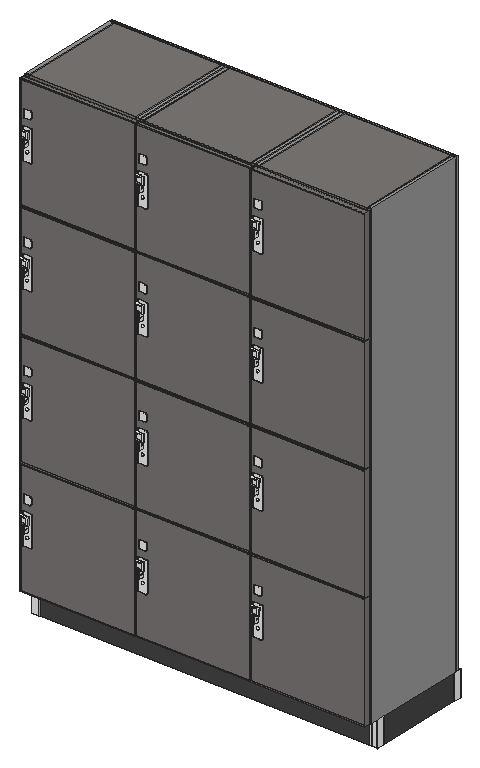
Revit family "Wood_Lockers_Hasps-Salsbury_Industries-18_44000_Series-3_Wide_Units.rfa", category Specialty Equipment, Revit 2016 (continued)
Definition of nested family "Wood Locker Flat Corner Fillers"
  Forms (in)
    Extrusion 1, solid, visible <- "Visible"
      sketch origin (0, 0, 0) x (0, -1, 0) y (1, 0, 0)
        loop
          line (-8.4375, -8.4375) -> (5.4375, -8.4375) -> (5.4375, -5.4375) -> (8.4375, -5.4375) -> (8.4375, 8.4375) -> (-8.4375, 8.4375) -> (-8.4375, -8.4375)
      from 0 to 0.719
    Extrusion 2, solid, material <- "Laminate Surface", visible <- "Visible"
      sketch origin (0, 0, 0.75) x (1, 0, 0) y (0, 1, 0)
        loop
          line (-8.4375, -5.4375) -> (-5.4375, -5.4375) -> (-5.4375, -8.4375) -> (8.4375, -8.4375) -> (8.4375, 8.4375) -> (-8.4375, 8.4375) -> (-8.4375, -5.4375)
      from -0.031 to 0
  Dimensions and locks (in)
    equal spacing: plane 6 "Front Side", plane 1 "Center (Front/Back)", plane 7 "Back Side"
    equal spacing: plane 5 "Left Side", plane 3 "Center (Left/Right)", plane 4 "Right Side"
    "Width": plane 5 "Left Side" to plane 4 "Right Side"
    "Depth": plane 6 "Front Side" to plane 7 "Back Side"
    "Height": plane 9 "Top Side" to plane 8 "Bottom"
    locked: plane 9 "Top Side" to plane 10 "Wood - Laminate Line" at 0.031
    locked: plane 6 "Front Side" to plane 12 at 3
    locked: plane 5 "Left Side" to plane 11 at 3
    plane 12 to plane 7 "Back Side" = 13.875"
    aligned and locked: level to plane 2
  Automatic sketch dimensions
    Extrusion 2 sketch curve to plane 5 "Left Side" = 0.000"
    plane 6 "Front Side" to Extrusion 2 sketch curve = 0.000"
    Extrusion 2 sketch curve to plane 11 = 0.000"
    Extrusion 2 sketch curve to plane 4 "Right Side" = 0.000"
    Extrusion 2 sketch curve to plane 12 = 0.000"
    plane 7 "Back Side" to Extrusion 2 sketch curve = 0.000"
    Extrusion 1 sketch curve to plane 5 "Left Side" = 0.000"
    plane 7 "Back Side" to Extrusion 1 sketch curve = 0.000"
    Extrusion 1 sketch curve to plane 12 = 0.000"
    Extrusion 1 sketch curve to plane 4 "Right Side" = 0.000"
    plane 6 "Front Side" to Extrusion 1 sketch curve = 0.000"
    Extrusion 1 sketch curve to plane 11 = 0.000"
Definition of nested family "Wood Locker Side Panels-No Slope"
  Parameters (values of type "44237 - 6' H for 24"D Lockers")
    Width = 23.625"
    Visible = yes
    Version = "1.0 (12/15/23)"
    Type Comments = "Side Panel for Premier Wood Lockers without Sloping Hood"
    Model = "44237"
    Manufacturer = "Salsbury Industries"
    Laminate Surface = none
    Height = 72.000"
    Door Trim = none
    Description = "6' H for 21\" D Lockers"
    Depth = 0.750"
  Types (6): name | Width | Visible | Version | Type Comments | Model | Manufacturer | Description
    (no name) | 23.625" | yes | "1.0 (12/15/23)" | "Side Panel for Premier Wood Lockers without Sloping Hood" | "44237" | "Salsbury Industries" | "6' H for 21\" D Lockers"
    44330 - 6' H for 15"D Lockers | 14.625" | yes | "1.0 (12/15/23)" | "Side Panel for Premier Wood Lockers without Sloping Hood" | "44330" | "Salsbury Industries" | "6' H for 15\" D Lockers"
    44333 - 6' H for 18" D Lockers | 17.625" | yes | "1.0 (12/15/23)" | "Side Panel for Premier Wood Lockers withouth Sloping Hood" | "44333" | "Salsbury Industries" | "6' H for 18\" D Lockers"
    44335 - 6' H for 21" D Lockers | 20.625" | yes | "1.0 (12/15/23)" | "Side Panel for Premier Wood Lockers without Sloping Hood" | "44335" | "Salsbury Industries" | "6' H for 21\" D Lockers"
    None | 14.000" | no | "" | "" | "" | "" | ""
    44237 - 6' H for 24"D Lockers | 23.625" | yes | "1.0 (12/15/23)" | "Side Panel for Premier Wood Lockers without Sloping Hood" | "44237" | "Salsbury Industries" | "6' H for 21\" D Lockers"
  Reference planes (in)
    plane 1 "Center (Front/Back)": y = 0
    plane 2: z = 0
    plane 3 "Center (Left/Right)": x = 0
    plane 4 "Back": y = 0.375
    plane 5 "Front": y = -0.375
    plane 6 "Left Side": x = -11.8125
    plane 7 "Right Side": x = 11.8125
    plane 8 "Bottom": z = 0
    plane 9 "Top": z = 72
    plane 10 "Center Elevation": z = 36
    plane 11 "Wood - Laminate Edge": y = -0.344
    plane 12 "Right Side of Wood": x = 11.7815
    plane 13 "Left Side of Wood": x = -11.7815
    plane 14 "Top of Wood": z = 71.969
    plane 15 "Bottom of Wood": z = 0.031
  Forms (in)
    Extrusion 1, solid, visible <- "Visible"
      sketch origin (0, 0.375, 0) x (1, 0, 0) y (0, 0, 1)
        loop
          line (11.7815, 71.969) -> (-11.7815, 71.969) -> (-11.7815, 0.031) -> (11.7815, 0.031) -> (11.7815, 71.969)
      from 0 to 0.719
    Extrusion 2, solid, material <- "Laminate Surface", visible <- "Visible"
      sketch origin (0, -0.375, 0) x (1, 0, 0) y (0, 0, 1)
        loop
          line (-11.8125, 72) -> (-11.8125, 0) -> (11.8125, 0) -> (11.8125, 72) -> (-11.8125, 72)
      from -0.031 to 0
    Extrusion 3, solid, material <- "Laminate Surface", visible <- "Visible"
      sketch origin (0, 0, 0) x (1, 0, 0) y (0, 0, 1)
        loop
          line (-11.8125, 0) -> (11.8125, 0) -> (11.8125, 72) -> (-11.8125, 72) -> (-11.8125, 0)
        loop
          line (-11.7815, 0.031) -> (11.7815, 0.031) -> (11.7815, 71.969) -> (-11.7815, 71.969) -> (-11.7815, 0.031)
      from -0.375 to 0.344
  Dimensions and locks (in)
    equal spacing: plane 6 "Left Side", plane 3 "Center (Left/Right)", plane 7 "Right Side"
    plane 5 "Front" to plane 1 "Center (Front/Back)" to plane 4 "Back" = 0.375", 0.375"
    "Width": plane 6 "Left Side" to plane 7 "Right Side"
    "Depth": plane 5 "Front" to plane 4 "Back"
    equal spacing: plane 9 "Top", plane 10 "Center Elevation", plane 8 "Bottom"
    "Height": plane 9 "Top" to plane 8 "Bottom"
    locked: plane 5 "Front" to plane 11 "Wood - Laminate Edge" at 0.031
    locked: plane 15 "Bottom of Wood" to plane 8 "Bottom" at 0.031
    locked: plane 12 "Right Side of Wood" to plane 7 "Right Side" at 0.031
    locked: plane 6 "Left Side" to plane 13 "Left Side of Wood" at 0.031
    locked: plane 9 "Top" to plane 14 "Top of Wood" at 0.031
    aligned and locked: level to plane 2
    aligned and locked: Extrusion 2 sketch curve to plane 7 "Right Side"
    aligned and locked: plane 8 "Bottom" to Extrusion 2 sketch curve
    aligned and locked: plane 6 "Left Side" to Extrusion 2 sketch curve
    aligned and locked: plane 9 "Top" to Extrusion 2 sketch curve
    aligned and locked: Extrusion 3 to plane 4 "Back"
    aligned and locked: plane 11 "Wood - Laminate Edge" to Extrusion 3
  Automatic sketch dimensions
    plane 13 "Left Side of Wood" to Extrusion 1 sketch curve = 0.000"
    plane 12 "Right Side of Wood" to Extrusion 1 sketch curve = 0.000"
    Extrusion 1 sketch curve to plane 15 "Bottom of Wood" = 0.000"
    Extrusion 1 sketch curve to plane 14 "Top of Wood" = 0.000"
    plane 13 "Left Side of Wood" to Extrusion 3 sketch curve = 0.000"
    Extrusion 3 sketch curve to level = 0.000"
    plane 13 "Left Side of Wood" to Extrusion 3 sketch curve = 0.031"
    plane 12 "Right Side of Wood" to Extrusion 3 sketch curve = 0.000"
    plane 7 "Right Side" to Extrusion 3 sketch curve = 0.000"
    Extrusion 3 sketch curve to plane 15 "Bottom of Wood" = 0.000"
    Extrusion 3 sketch curve to plane 14 "Top of Wood" = 0.000"
    Extrusion 3 sketch curve to plane 9 "Top" = 0.000"
Definition of nested family "Wood Locker Side Panels-With Slope"
  Parameters (values of type "44238 - 6' H for 24" D Lockers")
    Width = 23.625"
    Visible = yes
    Version = "1.0 (12/15/23)"
    Type Comments = "Side Panel for Premier Wood Lockers with Sloping Hood"
    Slope Height = 8.608"
    Model = "44238"
    Manufacturer = "Salsbury Industries"
    Laminate Surface = none
    Height = 72.153"
    Door Trim = none
    Description = "6' H for 24\" D Lockers"
    Depth = 0.750"
  Types (6): name | Width | Visible | Version | Type Comments | Slope Height | Model | Manufacturer | Height | Description
    (no name) | 23.625" | yes | "1.0 (12/15/23)" | "Side Panel for Premier Wood Lockers with Sloping Hood" | 8.608" | "44238" | "Salsbury Industries" | 72.153" | "6' H for 24\" D Lockers"
    44334 - 6' H  for 18" D Lockers | 17.625" | yes | "1.0 (12/15/23)" | "Side Panel for Premier Wood Lockers with Sloping Hood" | 6.806" | "44334" | "Salsbury Industries" | 72.062" | "6' H for 18\" D Lockers"
    44336 - 6' H for 21" D Lockers | 20.625" | yes | "1.0 (12/15/23)" | "Side Panel for Premier Wood Lockers with Sloping Hood" | 7.931" | "44336" | "Salsbury Industries" | 72.062" | "6' H for 21\" D Lockers"
    None | 14.625" | no | "" | "" | 5.681" | "" | "" | 72.062" | ""
    44339 - 6' H for 15" D Lockers | 14.625" | yes | "1.0 (12/15/23)" | "Side Panel for Premier Wood Lockers with Sloping Hood" | 5.681" | "44339" | "Salsbury Industries" | 72.062" | "6' H for 15\" D Lockers"
    44238 - 6' H for 24" D Lockers | 23.625" | yes | "1.0 (12/15/23)" | "Side Panel for Premier Wood Lockers with Sloping Hood" | 8.608" | "44238" | "Salsbury Industries" | 72.153" | "6' H for 24\" D Lockers"
  Reference planes (in)
    plane 1 "Center (Front/Back)": y = 0
    plane 2: z = 0
    plane 3 "Center (Left/Right)": x = 0
    plane 4 "Back": y = 0.375
    plane 5 "Front": y = -0.375
    plane 6 "Left Side": x = -11.8125
    plane 7 "Right Side": x = 11.8125
    plane 8 "Bottom": z = 0
    plane 9 "Top": z = 72.153
    plane 10 "Center Elevation": z = 36.0765
    plane 11 "Wood - Laminate Edge": y = -0.344
    plane 12 "Right Side of Wood": x = 11.7815
    plane 13 "Left Side of Wood": x = -11.7815
    plane 14 "Top of Wood": z = 72.028
    plane 15 "Bottom of Wood": z = 0.031
    plane 16: z = 80.761
    plane 17: z = 80.636
  Forms (in)
    Extrusion 1, solid, visible <- "Visible"
      sketch origin (0, 0.375, 0) x (1, 0, 0) y (0, 0, 1)
        loop
          line (-11.8125, 80.73) -> (-11.8125, 0) -> (11.7815, 0) -> (11.7815, 72.13387) -> (-11.8125, 80.73)
      from 0 to 0.719
    Extrusion 2, solid, material <- "Laminate Surface", visible <- "Visible"
      sketch origin (0, -0.375, 0) x (1, 0, 0) y (0, 0, 1)
        loop
          line (-11.8125, 0) -> (11.8125, 0) -> (11.8125, 72.153) -> (-11.8125, 80.761) -> (-11.8125, 0)
      from -0.031 to 0
    Extrusion 3, solid, material <- "Laminate Surface", visible <- "Visible"
      sketch origin (0, -0.375, 0) x (1, 0, 0) y (0, 0, 1)
        loop
          line (11.8125, 0) -> (11.8125, 72.153) -> (-11.8125, 80.761) -> (-11.8125, 80.73) -> (11.7815, 72.13387) -> (11.7815, 0) -> (11.8125, 0)
      from -0.031 to -0.75
  Dimensions and locks (in)
    equal spacing: plane 6 "Left Side", plane 3 "Center (Left/Right)", plane 7 "Right Side"
    plane 5 "Front" to plane 1 "Center (Front/Back)" to plane 4 "Back" = 0.375", 0.375"
    "Width": plane 6 "Left Side" to plane 7 "Right Side"
    "Depth": plane 5 "Front" to plane 4 "Back"
    equal spacing: plane 9 "Top", plane 10 "Center Elevation", plane 8 "Bottom"
    "Height": plane 9 "Top" to plane 8 "Bottom"
    locked: plane 5 "Front" to plane 11 "Wood - Laminate Edge" at 0.031
    locked: plane 15 "Bottom of Wood" to plane 8 "Bottom" at 0.031
    locked: plane 12 "Right Side of Wood" to plane 7 "Right Side" at 0.031
    locked: plane 6 "Left Side" to plane 13 "Left Side of Wood" at 0.031
    locked: plane 9 "Top" to plane 14 "Top of Wood" at 0.125
    "Slope Height": plane 16 to plane 9 "Top"
    locked: plane 16 to plane 17 at 0.125
    aligned and locked: level to plane 2
    aligned and locked: Extrusion 3 to plane 4 "Back"
    aligned and locked: plane 11 "Wood - Laminate Edge" to Extrusion 3
  Automatic sketch dimensions
    plane 6 "Left Side" to Extrusion 2 sketch curve = 0.000"
    plane 7 "Right Side" to Extrusion 2 sketch curve = 0.000"
    Extrusion 2 sketch curve to level = 0.000"
    Extrusion 2 sketch curve to plane 9 "Top" = 0.000"
    Extrusion 2 sketch curve to plane 16 = 0.000"
    Extrusion 1 sketch curve to level = 0.000"
    plane 6 "Left Side" to Extrusion 1 sketch curve = 0.000"
    plane 12 "Right Side of Wood" to Extrusion 1 sketch curve = 0.000"
    plane 9 "Top" to Extrusion 1 sketch curve = 0.01913"
    plane 6 "Left Side" to Extrusion 3 sketch curve = 0.000"
    plane 12 "Right Side of Wood" to Extrusion 3 sketch curve = 0.000"
    plane 7 "Right Side" to Extrusion 3 sketch curve = 0.000"
    Extrusion 3 sketch curve to level = 0.000"
    Extrusion 3 sketch curve to plane 9 "Top" = 0.000"
    Extrusion 3 sketch curve to plane 16 = 0.000"
    plane 9 "Top" to Extrusion 3 sketch curve = 0.01913"
    plane 16 to Extrusion 3 sketch curve = 0.031"
    plane 16 to Extrusion 1 sketch curve = 0.031"
Definition of nested family "Wood Locker Double Side Panels-No Slope"
  Parameters (values of type "44237DE - 6' H for 24"D Lockers")
    Width = 47.250"
    Visible = yes
    Version = "1.0 (12/15/23)"
    Type Comments = "Double End Panel for Premier Wood Lockers"
    Model = "44237DE"
    Manufacturer = "Salsbury Industries"
    Laminate Surface = none
    Height = 72.000"
    Door Trim = none
    Description = "For 6' H x 21\" D without Sloping Hood"
    Depth = 0.750"
  Types (6): name | Width | Visible | Version | Type Comments | Model | Manufacturer | Description
    (no name) | 47.250" | yes | "1.0 (12/15/23)" | "Double End Panel for Premier Wood Lockers" | "44237DE" | "Salsbury Industries" | "For 6' H x 21\" D without Sloping Hood"
    44330DE - 6' H for 15"D Lockers | 29.250" | yes | "1.0 (12/15/23)" | "Double End Panel for Premier Wood Lockers" | "44330DE" | "Salsbury Industries" | "For 6' H x 15\" D without Sloping Hood"
    44333DE - 6' H for 18" D Lockers | 35.250" | yes | "1.0 (12/15/23)" | "Double End Panel for Premier Wood Lockers" | "44333DE" | "Salsbury Industries" | "For 6' H x 18\" D without Sloping Hood"
    44335DE - 6' H for 21" D Lockers | 41.250" | yes | "1.0 (12/15/23)" | "Double End Panel for Premier Wood Lockers" | "44335DE" | "Salsbury Industries" | "For 6' H x 21\" D without Sloping Hood"
    None | 14.000" | no | "" | "" | "" | "" | ""
    44237DE - 6' H for 24"D Lockers | 47.250" | yes | "1.0 (12/15/23)" | "Double End Panel for Premier Wood Lockers" | "44237DE" | "Salsbury Industries" | "For 6' H x 21\" D without Sloping Hood"
  Reference planes (in)
    plane 1 "Center (Front/Back)": y = 0
    plane 2: z = 0
    plane 3 "Center (Left/Right)": x = 0
    plane 4 "Back": y = 0.375
    plane 5 "Front": y = -0.375
    plane 6 "Left Side": x = -23.625
    plane 7 "Right Side": x = 23.625
    plane 8 "Bottom": z = 0
    plane 9 "Top": z = 72
    plane 10 "Center Elevation": z = 36
    plane 11 "Wood - Laminate Edge": y = -0.344
    plane 12 "Right Side of Wood": x = 23.594
    plane 13 "Left Side of Wood": x = -23.594
    plane 14 "Top of Wood": z = 71.969
    plane 15 "Bottom of Wood": z = 0.031
  Forms (in)
    Extrusion 1, solid, visible <- "Visible"
      sketch origin (0, 0.375, 0) x (1, 0, 0) y (0, 0, 1)
        loop
          line (23.594, 71.969) -> (-23.594, 71.969) -> (-23.594, 0.031) -> (23.594, 0.031) -> (23.594, 71.969)
      from 0 to 0.719
    Extrusion 2, solid, material <- "Laminate Surface", visible <- "Visible"
      sketch origin (0, -0.375, 0) x (1, 0, 0) y (0, 0, 1)
        loop
          line (-23.625, 72) -> (-23.625, 0) -> (23.625, 0) -> (23.625, 72) -> (-23.625, 72)
      from -0.031 to 0
    Extrusion 3, solid, material <- "Laminate Surface", visible <- "Visible"
      sketch origin (0, 0, 0) x (1, 0, 0) y (0, 0, 1)
        loop
          line (-23.625, 0) -> (23.625, 0) -> (23.625, 72) -> (-23.625, 72) -> (-23.625, 0)
        loop
          line (23.594, 71.969) -> (-23.594, 71.969) -> (-23.594, 0.031) -> (23.594, 0.031) -> (23.594, 71.969)
      from -0.375 to 0.344
  Dimensions and locks (in)
    equal spacing: plane 6 "Left Side", plane 3 "Center (Left/Right)", plane 7 "Right Side"
    plane 5 "Front" to plane 1 "Center (Front/Back)" to plane 4 "Back" = 0.375", 0.375"
    "Width": plane 6 "Left Side" to plane 7 "Right Side"
    "Depth": plane 5 "Front" to plane 4 "Back"
    equal spacing: plane 9 "Top", plane 10 "Center Elevation", plane 8 "Bottom"
    "Height": plane 9 "Top" to plane 8 "Bottom"
    locked: plane 5 "Front" to plane 11 "Wood - Laminate Edge" at 0.031
    locked: plane 15 "Bottom of Wood" to plane 8 "Bottom" at 0.031
    plane 12 "Right Side of Wood" to plane 7 "Right Side" = 0.031"
    locked: plane 6 "Left Side" to plane 13 "Left Side of Wood" at 0.031
    locked: plane 9 "Top" to plane 14 "Top of Wood" at 0.031
    aligned and locked: level to plane 2
    aligned and locked: Extrusion 2 sketch curve to plane 8 "Bottom"
    aligned and locked: plane 6 "Left Side" to Extrusion 2 sketch curve
    aligned and locked: Extrusion 2 sketch curve to plane 7 "Right Side"
    aligned and locked: Extrusion 2 sketch curve to plane 9 "Top"
    aligned and locked: Extrusion 3 to plane 4 "Back"
    aligned and locked: plane 11 "Wood - Laminate Edge" to Extrusion 3
  Automatic sketch dimensions
    plane 13 "Left Side of Wood" to Extrusion 1 sketch curve = 0.000"
    plane 12 "Right Side of Wood" to Extrusion 1 sketch curve = 0.000"
    Extrusion 1 sketch curve to plane 15 "Bottom of Wood" = 0.000"
    Extrusion 1 sketch curve to plane 14 "Top of Wood" = 0.000"
    Extrusion 3 sketch curve to level = 0.000"
    plane 6 "Left Side" to Extrusion 3 sketch curve = 0.000"
    plane 7 "Right Side" to Extrusion 3 sketch curve = 0.000"
    Extrusion 3 sketch curve to plane 9 "Top" = 0.000"
    plane 13 "Left Side of Wood" to Extrusion 3 sketch curve = 0.000"
    Extrusion 3 sketch curve to plane 15 "Bottom of Wood" = 0.000"
    Extrusion 3 sketch curve to plane 14 "Top of Wood" = 0.000"
    plane 12 "Right Side of Wood" to Extrusion 3 sketch curve = 0.000"
Definition of nested family "Wood Locker Double Side Panels-With Slope"
  Parameters (values of type "44238DE - 6' H for 24"D Lockers")
    Width = 47.250"
    Visible = yes
    Version = "1.0 (12/15/23)"
    Type Comments = "Double End Panel for Premier Wood Lockers"
    Slope Height = 8.895"
    Model = "442386DE"
    Manufacturer = "Salsbury Industries"
    Laminate Surface = none
    Height = 72.153"
    Door Trim = none
    Description = "For 6' H x 21\" D Lockers with Sloping Hood"
    Depth = 0.750"
  Types (6): name | Width | Visible | Version | Type Comments | Slope Height | Model | Manufacturer | Height | Description
    (no name) | 47.250" | yes | "1.0 (12/15/23)" | "Double End Panel for Premier Wood Lockers" | 8.895" | "442386DE" | "Salsbury Industries" | 72.153" | "For 6' H x 21\" D Lockers with Sloping Hood"
    44339DE - 6' H for 15"D Lockers | 29.250" | yes | "1.0 (12/15/23)" | "Double End Panel for Premier Wood Lockers" | 5.681" | "44339DE" | "Salsbury Industries" | 72.062" | "For 6' H x 15\" D Lockers with Sloping Hood"
    44334DE - 6' H  for 18" D Lockers | 35.250" | yes | "1.0 (12/15/23)" | "Double End Panel for Premier Wood Lockers" | 6.806" | "44334DE" | "Salsbury Industries" | 72.062" | "For 6' H x 18\" D Lockers with Sloping Hood"
    44336DE - 6' H for 21" D Lockers | 41.250" | yes | "1.0 (12/15/23)" | "Double End Panel for Premier Wood Lockers" | 7.931" | "44336DE" | "Salsbury Industries" | 72.062" | "For 6' H x 21\" D Lockers with Sloping Hood"
    None | 14.000" | no | "" | "" | 5.500" | "" | "" | 72.000" | ""
    44238DE - 6' H for 24"D Lockers | 47.250" | yes | "1.0 (12/15/23)" | "Double End Panel for Premier Wood Lockers" | 8.895" | "442386DE" | "Salsbury Industries" | 72.153" | "For 6' H x 21\" D Lockers with Sloping Hood"
  Reference planes (in)
    plane 1 "Center (Front/Back)": y = 0
    plane 2: z = 0
    plane 3 "Center (Left/Right)": x = 0
    plane 4 "Back": y = 0.375
    plane 5 "Front": y = -0.375
    plane 6 "Left Side": x = -23.625
    plane 7 "Right Side": x = 23.625
    plane 8 "Bottom": z = 0
    plane 9 "Top": z = 72.153
    plane 10 "Center Elevation": z = 36.0765
    plane 11 "Wood - Laminate Edge": y = -0.344
    plane 12 "Right Side of Wood": x = 23.594
    plane 13 "Left Side of Wood": x = -23.594
    plane 14 "Top of Wood": z = 72.028
    plane 15 "Bottom of Wood": z = 0.125
    plane 16: z = 81.048
    plane 17: z = 81.017
  Forms (in)
    Extrusion 1, solid, visible <- "Visible"
      sketch origin (0, 0.375, 0) x (1, 0, 0) y (0, 0, 1)
        loop
          line (23.594, 72.122) -> (0, 81.017) -> (-23.594, 72.122) -> (-23.594, 0) -> (23.594, 0) -> (23.594, 72.122)
      from 0 to 0.719
    Extrusion 2, solid, material <- "Laminate Surface", visible <- "Visible"
      sketch origin (0, -0.375, 0) x (1, 0, 0) y (0, 0, 1)
        loop
          line (23.625, 0) -> (23.625, 72.153) -> (0, 81.048) -> (-23.625, 72.153) -> (-23.625, 0) -> (23.625, 0)
      from -0.031 to 0
    Extrusion 3, solid, material <- "Laminate Surface", visible <- "Visible"
      sketch origin (0, 0.375, 0) x (1, 0, 0) y (0, 0, 1)
        loop
          line (23.625, 0) -> (23.625, 72.153) -> (0, 81.048) -> (-23.625, 72.153) -> (-23.625, 0) -> (-23.594, 0) -> (-23.594, 72.122) -> (0, 81.017) -> (23.594, 72.122) -> (23.594, 0) -> (23.625, 0)
      from 0 to 0.719
  Dimensions and locks (in)
    equal spacing: plane 6 "Left Side", plane 3 "Center (Left/Right)", plane 7 "Right Side"
    plane 5 "Front" to plane 1 "Center (Front/Back)" to plane 4 "Back" = 0.375", 0.375"
    "Width": plane 6 "Left Side" to plane 7 "Right Side"
    "Depth": plane 5 "Front" to plane 4 "Back"
    equal spacing: plane 9 "Top", plane 10 "Center Elevation", plane 8 "Bottom"
    "Height": plane 9 "Top" to plane 8 "Bottom"
    locked: plane 5 "Front" to plane 11 "Wood - Laminate Edge" at 0.031
    locked: plane 15 "Bottom of Wood" to plane 8 "Bottom" at 0.125
    locked: plane 12 "Right Side of Wood" to plane 7 "Right Side" at 0.031
    locked: plane 6 "Left Side" to plane 13 "Left Side of Wood" at 0.031
    locked: plane 9 "Top" to plane 14 "Top of Wood" at 0.125
    "Slope Height": plane 16 to plane 9 "Top"
    locked: plane 16 to plane 17 at 0.031
    aligned and locked: level to plane 2
    aligned and locked: Extrusion 3 to plane 4 "Back"
    aligned and locked: plane 11 "Wood - Laminate Edge" to Extrusion 3
  Automatic sketch dimensions
    plane 6 "Left Side" to Extrusion 2 sketch curve = 0.000"
    Extrusion 2 sketch curve to plane 3 "Center (Left/Right)" = 0.000"
    plane 7 "Right Side" to Extrusion 2 sketch curve = 0.000"
    Extrusion 2 sketch curve to level = 0.000"
    Extrusion 2 sketch curve to plane 9 "Top" = 0.000"  (x2)
    Extrusion 2 sketch curve to plane 16 = 0.000"
    Extrusion 1 sketch curve to level = 0.000"
    plane 13 "Left Side of Wood" to Extrusion 1 sketch curve = 0.000"
    Extrusion 1 sketch curve to plane 3 "Center (Left/Right)" = 0.000"
    plane 12 "Right Side of Wood" to Extrusion 1 sketch curve = 0.000"
    Extrusion 1 sketch curve to plane 17 = 0.000"
    plane 9 "Top" to Extrusion 1 sketch curve = 0.031"  (x2)
    Extrusion 3 sketch curve to level = 0.000"  (x2)
    plane 6 "Left Side" to Extrusion 3 sketch curve = 0.000"
    plane 13 "Left Side of Wood" to Extrusion 3 sketch curve = 0.000"
    Extrusion 3 sketch curve to plane 3 "Center (Left/Right)" = 0.000"  (x2)
    plane 12 "Right Side of Wood" to Extrusion 3 sketch curve = 0.000"
    plane 7 "Right Side" to Extrusion 3 sketch curve = 0.000"
    Extrusion 3 sketch curve to plane 9 "Top" = 0.000"  (x2)
    plane 9 "Top" to Extrusion 3 sketch curve = 0.031"  (x2)
    Extrusion 3 sketch curve to plane 17 = 0.000"
    Extrusion 3 sketch curve to plane 16 = 0.000"
Definition of nested family "Wood Locker Front Fillers"
  Parameters (values of type "44469 - 9" W for 6' H Lockers without Base")
    Width = 9.000"
    Visible Base = no
    Visible = yes
    Version = "1.0 (1/31/24)"
    Type Comments = "Front Vertical Filler for Premier Wood Lockers"
    Model = "44469"
    Manufacturer = "Salsbury Industries"
    Laminate Surface = none
    Height = 72.000"
    Description = "For 6' H Lockers"
    Depth = 0.750"
    Base Height = 0.000"
  Types (6): name | Width | Visible Base | Visible | Version | Type Comments | Model | Manufacturer | Description | Base Height
    (no name) | 9.000" | no | yes | "1.0 (1/31/24)" | "Front Vertical Filler for Premier Wood Lockers" | "44469" | "Salsbury Industries" | "For 6' H Lockers" | 0.000"
    44467 - 15"W for 6' H Lockers with Base | 15.000" | yes | yes | "1.0 (01/31/24)" | "Front Vertical Filler for Premier Wood Lockers" | "444367" | "Salsbury Industries" | "For 6' H Lockers" | 4.000"
    None | 15.000" | no | no | "" | "" | "" | "" | "" | 4.000"
    44469 - 9" W for 6' H Lockers with Base | 9.000" | yes | yes | "1.0 (01/31/24)" | "Front Vertical Filler for Premier Wood Lockers" | "44469" | "Salsbury Industries" | "For 6' H Lockers" | 4.000"
    44467 - 15" W for 6'H Lockers without Base | 15.000" | no | yes | "1.0 (01/31/24)" | "Front Vertical Filler for Premier Wood Lockers" | "44467" | "Salsbury Industries" | "For 6' H Lockers" | 0.000"
    44469 - 9" W for 6' H Lockers without Base | 9.000" | no | yes | "1.0 (1/31/24)" | "Front Vertical Filler for Premier Wood Lockers" | "44469" | "Salsbury Industries" | "For 6' H Lockers" | 0.000"
  Reference planes (in)
    plane 1 "Center (Front/Back)": y = 0
    plane 2: z = 0
    plane 3 "Center (Left/Right)": x = 0
    plane 4 "Back": y = 0.375
    plane 5 "Front": y = -0.375
    plane 6 "Left Side": x = -4.5
    plane 7 "Right Side": x = 4.5
    plane 8 "Bottom": z = 0
    plane 9 "Top": z = 72
    plane 10 "Center Elevation": z = 36
    plane 11 "Wood - Laminate Edge": y = -0.344
    plane 12 "Right Side of Wood": x = 4.375
    plane 13 "Left Side of Wood": x = -4.375
    plane 14 "Top of Wood": z = 71.875
    plane 15 "Bottom of Wood": z = 0.125
    plane 16 "Front of Base Filler": y = 1
  Forms (in)
    Extrusion 1, solid, visible <- "Visible"
      sketch origin (0, 0.375, 0) x (1, 0, 0) y (0, 0, 1)
        loop
          line (4.5, 72) -> (-4.5, 72) -> (-4.5, 0) -> (4.5, 0) -> (4.5, 72)
      from 0 to 0.719
    Extrusion 2, solid, material <- "Laminate Surface", visible <- "Visible"
      sketch origin (0, -0.375, 0) x (1, 0, 0) y (0, 0, 1)
        loop
          line (-4.5, 72) -> (-4.5, 0) -> (4.5, 0) -> (4.5, 72) -> (-4.5, 72)
      from -0.031 to 0
    Extrusion 3, solid, visible <- "Visible Base"
      sketch origin (0, 0, 0) x (1, 0, 0) y (0, 1, 0)
        loop
          line (-4.5, 1.75) -> (-4.5, 0.375) -> (4.5, 0.375) -> (4.5, 1.75) -> (-4.5, 1.75)
      from 0 to 0.75
    Extrusion 4, solid, visible <- "Visible Base"
      sketch origin (0, 0, 0) x (1, 0, 0) y (0, 1, 0)
        loop
          line (-4.5, 1.75) -> (-4.5, 1) -> (4.5, 1) -> (4.5, 1.75) -> (-4.5, 1.75)
      from 0 to -4
  Dimensions and locks (in)
    equal spacing: plane 6 "Left Side", plane 3 "Center (Left/Right)", plane 7 "Right Side"
    plane 5 "Front" to plane 1 "Center (Front/Back)" to plane 4 "Back" = 0.375", 0.375"
    "Width": plane 6 "Left Side" to plane 7 "Right Side"
    "Depth": plane 5 "Front" to plane 4 "Back"
    equal spacing: plane 9 "Top", plane 10 "Center Elevation", plane 8 "Bottom"
    locked: plane 5 "Front" to plane 11 "Wood - Laminate Edge" at 0.031
    locked: plane 15 "Bottom of Wood" to plane 8 "Bottom" at 0.125
    locked: plane 12 "Right Side of Wood" to plane 7 "Right Side" at 0.125
    locked: plane 6 "Left Side" to plane 13 "Left Side of Wood" at 0.125
    locked: plane 9 "Top" to plane 14 "Top of Wood" at 0.125
    locked: plane 5 "Front" to plane 16 "Front of Base Filler" at 1.375
    "Base Height": plane 8 "Bottom" to plane 2
    "Height": plane 9 "Top" to plane 8 "Bottom"
    aligned and locked: level to plane 2
    aligned and locked: plane 8 "Bottom" to Extrusion 1
  Automatic sketch dimensions
    plane 6 "Left Side" to Extrusion 1 sketch curve = 0.000"
    plane 7 "Right Side" to Extrusion 1 sketch curve = 0.000"
    level to Extrusion 1 sketch curve = 0.000"
    Extrusion 1 sketch curve to plane 9 "Top" = 0.000"
    plane 6 "Left Side" to Extrusion 2 sketch curve = 0.000"
    plane 7 "Right Side" to Extrusion 2 sketch curve = 0.000"
    plane 15 "Bottom of Wood" to Extrusion 2 sketch curve = 0.125"
    Extrusion 2 sketch curve to plane 9 "Top" = 0.000"
    plane 4 "Back" to Extrusion 3 sketch curve = 0.000"
    Extrusion 3 sketch curve to plane 6 "Left Side" = 0.000"
    Extrusion 3 sketch curve to plane 7 "Right Side" = 0.000"
    Extrusion 3 sketch curve to plane 16 "Front of Base Filler" = 0.750"
    Extrusion 4 sketch curve to plane 6 "Left Side" = 0.000"
    Extrusion 4 sketch curve to plane 7 "Right Side" = 0.000"
    plane 16 "Front of Base Filler" to Extrusion 4 sketch curve = 0.000"
    Extrusion 4 sketch curve to plane 16 "Front of Base Filler" = 0.750"
Definition of nested family "Wood Locker Front Corner Filler"
  Parameters (values of type "44464 - for 6' H Lockers with Base")
    Width = 2.250"
    Visible Base = yes
    Visible = yes
    Version = "1.0 (12/15/23)"
    Type Comments = "Front Vertical Corner Filler for Designer Wood Lockers"
    Primary Structure Materials = none
    Model = "44464"
    Manufacturer = "Salsbury Industries"
    Laminate Surface = none
    Height = 72.000"
    Description = "For 6' H Lockers"
    Depth = 0.750"
    Base Primary Materials = none
    Base Height = 4.000"
  Types (3): name | Visible Base | Visible | Version | Type Comments | Model | Manufacturer | Description | Base Height
    None | no | no | "" | "" | "" | "" | "" | 4.000"
    44464 - for 6'H Lockers without Base | no | yes | "1.0 (12/15/23)" | "Front Vertical Corner Filler for Designer Wood Lockers" | "44464" | "Salsbury Industries" | "For 6' H Lockers" | 0.000"
    44464 - for 6' H Lockers with Base | yes | yes | "1.0 (12/15/23)" | "Front Vertical Corner Filler for Designer Wood Lockers" | "44464" | "Salsbury Industries" | "For 6' H Lockers" | 4.000"
  Reference planes (in)
    plane 1 "Center (Front/Back)": y = 0
    plane 2 "Bottom of Base": z = 0
    plane 3 "Center (Left/Right)": x = 0
    plane 4 "Back": y = 0.375
    plane 5 "Front": y = -0.375
    plane 6 "Left Side": x = -1.125
    plane 7 "Right Side": x = 1.125
    plane 8 "Bottom": z = 4
    plane 9 "Top": z = 76
    plane 10 "Center Elevation": z = 40
    plane 11 "Wood - Laminate Edge": y = -0.344
    plane 12 "Right Side of Wood": x = 1
    plane 13 "Left Side of Wood": x = -1
    plane 14 "Top of Wood": z = 75.875
    plane 15 "Bottom of Wood": z = 4.125
    plane 16 "Front of Base Filler": y = 1
  Forms (in)
    Extrusion 1, solid, material <- "Primary Structure Materials", visible <- "Visible"
      sketch origin (0, 0.375, 0) x (1, 0, 0) y (0, 0, 1)
        loop
          line (1.125, 76) -> (-1.156, 76) -> (-1.156, 4) -> (1.125, 4) -> (1.125, 76)
      from 0 to 0.719
    Extrusion 2, solid, material <- "Laminate Surface", visible <- "Visible"
      sketch origin (0, -0.375, 0) x (1, 0, 0) y (0, 0, 1)
        loop
          line (-1.125, 76) -> (-1.125, 4) -> (1.125, 4) -> (1.125, 76) -> (-1.125, 76)
      from -0.031 to 0
    Extrusion 3, solid, material <- "Primary Structure Materials", visible <- "Visible"
      sketch origin (-1.875, -1.5, 0) x (0, 1, 0) y (0, 0, 1)
        loop
          line (1.875, 76) -> (-1.125, 76) -> (-1.125, 4) -> (1.875, 4) -> (1.875, 76)
      from 0 to 0.719
    Extrusion 4, solid, material <- "Laminate Surface", visible <- "Visible"
      sketch origin (-1.125, -1.5, 0) x (0, 1, 0) y (0, 0, 1)
        loop
          line (-1.125, 76) -> (-1.125, 4) -> (1.156, 4) -> (1.156, 76) -> (-1.125, 76)
      from -0.031 to 0
    Extrusion 5, solid, material <- "Base Primary Materials", visible <- "Visible Base"
      sketch origin (0, 0, 0) x (1, 0, 0) y (0, 1, 0)
        loop
          line (-3.25, 1.75) -> (-3.25, -2.625) -> (-1.875, -2.625) -> (-1.875, 1.75) -> (-3.25, 1.75)
      from 4 to 4.75
    Extrusion 6, solid, material <- "Base Primary Materials", visible <- "Visible Base"
      sketch origin (0, 0, 0) x (1, 0, 0) y (0, 1, 0)
        loop
          line (-1.875, 1.75) -> (-1.875, 0.375) -> (1.125, 0.375) -> (1.125, 1.75) -> (-1.875, 1.75)
      from 4 to 4.75
    Extrusion 7, solid, material <- "Base Primary Materials", visible <- "Visible Base"
      sketch origin (0, 0, 0) x (1, 0, 0) y (0, 1, 0)
        loop
          line (1.125, 1.75) -> (-2.43407, 1.75) -> (-2.43407, 1) -> (1.125, 1) -> (1.125, 1.75)
      from 0 to 4
    Extrusion 8, solid, material <- "Base Primary Materials", visible <- "Visible Base"
      sketch origin (0, 0, 0) x (1, 0, 0) y (0, 1, 0)
        loop
          line (-3.25, 1.75) -> (-3.25, -2.625) -> (-2.43407, -2.625) -> (-2.43407, 1.75) -> (-3.25, 1.75)
      from 0 to 4
  Dimensions and locks (in)
    equal spacing: plane 6 "Left Side", plane 3 "Center (Left/Right)", plane 7 "Right Side"
    plane 5 "Front" to plane 1 "Center (Front/Back)" to plane 4 "Back" = 0.375", 0.375"
    "Width": plane 6 "Left Side" to plane 7 "Right Side"
    "Depth": plane 5 "Front" to plane 4 "Back"
    equal spacing: plane 9 "Top", plane 10 "Center Elevation", plane 8 "Bottom"
    "Height": plane 9 "Top" to plane 8 "Bottom"
    locked: plane 5 "Front" to plane 11 "Wood - Laminate Edge" at 0.031
    locked: plane 15 "Bottom of Wood" to plane 8 "Bottom" at 0.125
    locked: plane 12 "Right Side of Wood" to plane 7 "Right Side" at 0.125
    locked: plane 6 "Left Side" to plane 13 "Left Side of Wood" at 0.125
    locked: plane 9 "Top" to plane 14 "Top of Wood" at 0.125
    locked: plane 5 "Front" to plane 16 "Front of Base Filler" at 1.375
    "Base Height": plane 8 "Bottom" to plane 2 "Bottom of Base"
    aligned and locked: level to plane 2 "Bottom of Base"
    aligned and locked: plane 8 "Bottom" to Extrusion 1
    aligned and locked: Extrusion 7 to Extrusion 5
    aligned and locked: Extrusion 8 to Extrusion 5
    aligned and locked: Extrusion 7 to Extrusion 8
  Automatic sketch dimensions
    Extrusion 1 sketch curve to plane 9 "Top" = 0.000"
    Extrusion 1 sketch curve to plane 8 "Bottom" = 0.000"
    plane 7 "Right Side" to Extrusion 1 sketch curve = 0.000"
    plane 6 "Left Side" to Extrusion 1 sketch curve = 0.031"
    plane 6 "Left Side" to Extrusion 2 sketch curve = 0.000"
    plane 7 "Right Side" to Extrusion 2 sketch curve = 0.000"
    Extrusion 2 sketch curve to plane 8 "Bottom" = 0.000"
    Extrusion 2 sketch curve to plane 9 "Top" = 0.000"
    plane 9 "Top" to Extrusion 3 sketch curve = 0.000"
    plane 8 "Bottom" to Extrusion 3 sketch curve = 0.000"
    Extrusion 3 sketch curve to plane 4 "Back" = 0.000"
    plane 5 "Front" to Extrusion 3 sketch curve = 2.250"
    plane 8 "Bottom" to Extrusion 4 sketch curve = 0.000"
    plane 9 "Top" to Extrusion 4 sketch curve = 0.000"
    Extrusion 4 sketch curve to plane 11 "Wood - Laminate Edge" = 0.000"
    plane 5 "Front" to Extrusion 4 sketch curve = 2.250"
    plane 6 "Left Side" to Extrusion 5 sketch curve = 2.125"
    plane 6 "Left Side" to Extrusion 5 sketch curve = 0.750"
    plane 5 "Front" to Extrusion 5 sketch curve = 2.250"
    Extrusion 5 sketch curve to plane 16 "Front of Base Filler" = 0.750"
    plane 16 "Front of Base Filler" to Extrusion 7 sketch curve = 0.000"
    Extrusion 7 sketch curve to plane 7 "Right Side" = 0.000"
    plane 6 "Left Side" to Extrusion 7 sketch curve = 1.30907"
    Extrusion 7 sketch curve to plane 16 "Front of Base Filler" = 0.750"
    plane 6 "Left Side" to Extrusion 8 sketch curve = 2.125"
    Extrusion 8 sketch curve to Extrusion 8 sketch curve = 0.81593"
    plane 5 "Front" to Extrusion 8 sketch curve = 2.250"
    Extrusion 8 sketch curve to plane 16 "Front of Base Filler" = 0.750"
    plane 4 "Back" to Extrusion 6 sketch curve = 0.000"
    Extrusion 6 sketch curve to plane 7 "Right Side" = 0.000"
    plane 6 "Left Side" to Extrusion 6 sketch curve = 0.750"
    Extrusion 6 sketch curve to plane 16 "Front of Base Filler" = 0.750"
Definition of nested family "Wood Locker Sloping In-Line Fillers"
  Parameters (values of type "44489 - 15" W for 24" D Lockers")
    Width = 15.000"
    Visible = yes
    Version = "1.0 (12/15/23)"
    Type Comments = "Sloping Hood In-Line Filler for Premier Wood Lockers"
    Model = "44489"
    Manufacturer = "Salsbury Industries"
    Laminate Surface = none
    Height = 9.118"
    Description = "For 24\" D Lockers"
    Depth = 23.625"
  Types (10): name | Width | Visible | Version | Type Comments | Model | Manufacturer | Height | Description | Depth
    (no name) | 15.000" | yes | "1.0 (12/15/23)" | "Sloping Hood In-Line Filler for Premier Wood Lockers" | "44489" | "Salsbury Industries" | 9.118" | "For 24\" D Lockers" | 23.625"
    44487 - 15" W for 15" D Lockers | 15.000" | yes | "1.0 (12/15/23)" | "Sloping Hood In-Line Filler for Premier Wood Lockers" | "44487" | "Salsbury Industries" | 5.743" | "For 15\" D Lockers" | 14.625"
    44488 - 15" W for 18" D Lockers | 15.000" | yes | "1.0 (12/15/23)" | "Sloping Hood In-Line Filler for Premier Wood Lockers" | "44488" | "Salsbury Industries" | 6.868" | "For 18\" D Lockers" | 17.625"
    44481 - 15" W for 21" D Lockers | 15.000" | yes | "1.0 (12/15/23)" | "Sloping Hood In-Line Filler for Premier Wood Lockers" | "44481" | "Salsbury Industries" | 7.993" | "For 21\" D Lockers" | 20.625"
    None | 12.000" | no | "" | "" | "" | "" | 5.500" | "" | 14.000"
    44489 - 15" W for 24" D Lockers | 15.000" | yes | "1.0 (12/15/23)" | "Sloping Hood In-Line Filler for Premier Wood Lockers" | "44489" | "Salsbury Industries" | 9.118" | "For 24\" D Lockers" | 23.625"
    44488 - 9" W for 18" D Lockers | 9.000" | yes | "1.0 (12/15/23)" | "Sloping Hood In-Line Filler for Premier Wood Lockers" | "44488" | "Salsbury Industries" | 6.868" | "For 18\" D Lockers" | 17.625"
    44487 - 9" W for 15" D Lockers | 9.000" | yes | "1.0 (12/15/23)" | "Sloping Hood In-Line Filler for Premier Wood Lockers" | "44487" | "Salsbury Industries" | 5.743" | "For 15\" D Lockers" | 14.625"
    44481 - 9" W for 21" D Lockers | 9.000" | yes | "1.0 (12/15/23)" | "Sloping Hood In-Line Filler for Premier Wood Lockers" | "44481" | "Salsbury Industries" | 7.993" | "For 21\" D Lockers" | 20.625"
    44489 - 9" W for 24" D Lockers | 9.000" | yes | "1.0 (12/15/23)" | "Sloping Hood In-Line Filler for Premier Wood Lockers" | "44489" | "Salsbury Industries" | 9.118" | "For 24\" D Lockers" | 23.625"
  Reference planes (in)
    plane 1 "Center (Front/Back)": y = 0
    plane 2: z = 0
    plane 3 "Center (Left/Right)": x = 0
    plane 4 "Front of Hood": y = -11.8125
    plane 5 "Back of Hood": y = 11.8125
    plane 6 "Right Side of Hood": x = 7.5
    plane 7 "Left Side of Hood": x = -7.5
    plane 8 "Bottom of Hood": z = 0
    plane 9 "Top of Hood": z = 9.118
    plane 10: x = 6.75
    plane 11: x = -6.75
    plane 12: y = -11.7815
    plane 13: y = -11.0625
    plane 14: z = 9.087
    plane 15: z = 8.368
    plane 16: z = 0.062
    plane 17: z = 0.75
  Forms (in)
    Extrusion 1, solid, visible <- "Visible"
      sketch origin (0, 0, 0) x (0, 1, 0) y (0, 0, 1)
        loop
          line (-9.97273, 0) -> (11.8125, 8.368) -> (11.8125, 9.087) -> (-11.73269, 0.062) -> (-11.7815, 0.062) -> (-11.7815, 0) -> (-9.97273, 0)
      from -7.5 to 7.5
    Extrusion 2, solid, material <- "Laminate Surface", visible <- "Visible"
      sketch origin (0, 0, 0) x (0, 1, 0) y (0, 0, 1)
        loop
          line (-11.8125, 0.062) -> (-11.8125, 0) -> (-11.7815, 0) -> (-11.7815, 0.062) -> (-11.8125, 0.062)
      from -7.5 to 7.5
    Extrusion 3, solid, material <- "Laminate Surface", visible <- "Visible"
      sketch origin (0, 0, 0) x (0, 1, 0) y (0, 0, 1)
        loop
          line (11.8125, 9.118) -> (-11.8125, 0.062) -> (-11.73269, 0.062) -> (11.8125, 9.087) -> (11.8125, 9.118)
      from -7.5 to 7.5
  Dimensions and locks (in)
    equal spacing: plane 7 "Left Side of Hood", plane 3 "Center (Left/Right)", plane 6 "Right Side of Hood"
    "Width": plane 7 "Left Side of Hood" to plane 6 "Right Side of Hood"
    equal spacing: plane 4 "Front of Hood", plane 1 "Center (Front/Back)", plane 5 "Back of Hood"
    "Depth": plane 4 "Front of Hood" to plane 5 "Back of Hood"
    "Height": plane 9 "Top of Hood" to plane 8 "Bottom of Hood"
    plane 7 "Left Side of Hood" to plane 11 = 0.750"
    plane 10 to plane 6 "Right Side of Hood" = 0.750"
    plane 4 "Front of Hood" to plane 12 to plane 13 = 0.031" locked, 0.719" locked
    plane 15 to plane 14 to plane 9 "Top of Hood" = 0.719" locked, 0.031" locked
    locked: plane 16 to plane 8 "Bottom of Hood" at 0.062
    locked: plane 17 to plane 8 "Bottom of Hood" at 0.75
    aligned and locked: level to plane 2
    aligned and locked: Extrusion 1 to plane 6 "Right Side of Hood"
    aligned and locked: plane 7 "Left Side of Hood" to Extrusion 1
    aligned and locked: plane 7 "Left Side of Hood" to Extrusion 3
    aligned and locked: Extrusion 3 to plane 6 "Right Side of Hood"
    aligned and locked: Extrusion 2 to plane 6 "Right Side of Hood"
    aligned and locked: plane 7 "Left Side of Hood" to Extrusion 2
  Automatic sketch dimensions
    Extrusion 2 sketch curve to level = 0.000"
    Extrusion 2 sketch curve to plane 4 "Front of Hood" = 0.000"
    Extrusion 2 sketch curve to plane 12 = 0.000"
    plane 16 to Extrusion 2 sketch curve = 0.000"
    Extrusion 3 sketch curve to plane 4 "Front of Hood" = 0.000"
    plane 16 to Extrusion 3 sketch curve = 0.000"
    Extrusion 3 sketch curve to plane 5 "Back of Hood" = 0.000"
    plane 14 to Extrusion 3 sketch curve = 0.000"
    plane 9 "Top of Hood" to Extrusion 3 sketch curve = 0.000"
    Extrusion 3 sketch curve to plane 12 = 0.04881"
    Extrusion 1 sketch curve to level = 0.000"
    Extrusion 1 sketch curve to plane 12 = 0.000"
    plane 16 to Extrusion 1 sketch curve = 0.000"
    Extrusion 1 sketch curve to plane 5 "Back of Hood" = 0.000"
    plane 15 to Extrusion 1 sketch curve = 0.000"
    plane 14 to Extrusion 1 sketch curve = 0.000"
    Extrusion 1 sketch curve to plane 13 = 1.08977"
    Extrusion 1 sketch curve to plane 12 = 0.04881"
Definition of nested family "Wood Locker Flat In-Line Fillers"
  Parameters (values of type "44448 - 15" W for 18" D Lockers")
    Width = 15.000"
    Visible = yes
    Version = "1.0 (12/15/23)"
    Type Comments = "Flat Top In-Line Filler for Premier Wood Lockers"
    Model = "44448"
    Manufacturer = "Salsbury Industries"
    Laminate Surface = none
    Height = 0.750"
    Description = "For 18\" D Lockers"
    Depth = 16.875"
  Types (10): name | Width | Visible | Version | Type Comments | Model | Manufacturer | Description | Depth
    (no name) | 15.000" | yes | "1.0 (12/15/23)" | "Flat Top In-Line Filler for Premier Wood Lockers" | "44448" | "Salsbury Industries" | "For 18\" D Lockers" | 16.875"
    44447 - 15" W for 15" D Lockers | 15.000" | yes | "1.0 (12/15/23)" | "Flat Top In-Line Filler for Premier Wood Lockers" | "44447" | "Salsbury Industries" | "For 15\" D Lockers" | 13.875"
    44448 - 15" W for 18" D Lockers | 15.000" | yes | "1.0 (12/15/23)" | "Flat Top In-Line Filler for Premier Wood Lockers" | "44448" | "Salsbury Industries" | "For 18\" D Lockers" | 16.875"
    44441 - 15" W for 21" D Lockers | 15.000" | yes | "1.0 (12/15/23)" | "Flat Top In-Line Filler for Premier Wood Lockers" | "44441" | "Salsbury Industries" | "For 21\" D Lockers" | 19.875"
    None | 15.000" | no | "" | "" | "" | "" | "" | 13.250"
    44448 - 9" W for 18" D Lockers | 9.000" | yes | "1.0 (12/15/23)" | "Flat Top In-Line Filler for Premier Wood Lockers" | "44448" | "Salsbury Industries" | "For 18\" D Lockers" | 16.875"
    44447 - 9" W for 15" D Lockers | 9.000" | yes | "1.0 (12/15/23)" | "Flat Top In-Line Filler for Premier Wood Lockers" | "44447" | "Salsbury Industries" | "For 15\" D Lockers" | 13.875"
    44441 - 9" W for 21" D Lockers | 9.000" | yes | "1.0 (12/15/23)" | "Flat Top In-Line Filler for Premier Wood Lockers" | "44441" | "Salsbury Industries" | "For 21\" D Lockers" | 19.875"
    44449 - 15" W for 24" D Lockers | 15.000" | yes | "1.0 (12/15/23)" | "Flat Top In-Line Filler for Premier Wood Lockers" | "44449" | "Salsbury Industries" | "For 24\" D Lockers" | 22.875"
    44449 - 9" W for 24" D Lockers | 9.000" | yes | "1.0 (12/15/23)" | "Flat Top In-Line Filler for Premier Wood Lockers" | "44449" | "Salsbury Industries" | "For 24\" D Lockers" | 22.875"
  Reference planes (in)
    plane 1 "Center (Front/Back)": y = 0
    plane 2: z = 0
    plane 3 "Center (Left/Right)": x = 0
    plane 4 "Right Side": x = 7.5
    plane 5 "Left Side": x = -7.5
    plane 6 "Front Side": y = -8.4375
    plane 7 "Back Side": y = 8.4375
    plane 8 "Bottom": z = 0
    plane 9 "Top Side": z = 0.75
    plane 10 "Wood - Laminate Line": z = 0.719
  Forms (in)
    Extrusion 1, solid, visible <- "Visible"
      sketch origin (0, 0, 0) x (0, -1, 0) y (1, 0, 0)
        loop
          line (-8.4375, -7.5) -> (8.4375, -7.5) -> (8.4375, 7.5) -> (-8.4375, 7.5) -> (-8.4375, -7.5)
      from 0 to 0.719
    Extrusion 2, solid, material <- "Laminate Surface", visible <- "Visible"
      sketch origin (0, 0, 0.75) x (1, 0, 0) y (0, 1, 0)
        loop
          line (-7.5, -8.4375) -> (7.5, -8.4375) -> (7.5, 8.4375) -> (-7.5, 8.4375) -> (-7.5, -8.4375)
      from -0.031 to 0
  Dimensions and locks (in)
    equal spacing: plane 6 "Front Side", plane 1 "Center (Front/Back)", plane 7 "Back Side"
    equal spacing: plane 5 "Left Side", plane 3 "Center (Left/Right)", plane 4 "Right Side"
    "Width": plane 5 "Left Side" to plane 4 "Right Side"
    "Depth": plane 6 "Front Side" to plane 7 "Back Side"
    "Height": plane 9 "Top Side" to plane 8 "Bottom"
    locked: plane 9 "Top Side" to plane 10 "Wood - Laminate Line" at 0.031
    aligned and locked: level to plane 2
  Automatic sketch dimensions
    Extrusion 1 sketch curve to plane 4 "Right Side" = 0.000"
    plane 7 "Back Side" to Extrusion 1 sketch curve = 0.000"
    Extrusion 1 sketch curve to plane 5 "Left Side" = 0.000"
    plane 6 "Front Side" to Extrusion 1 sketch curve = 0.000"
    Extrusion 2 sketch curve to plane 5 "Left Side" = 0.000"
    plane 4 "Right Side" to Extrusion 2 sketch curve = 0.000"
    plane 6 "Front Side" to Extrusion 2 sketch curve = 0.000"
    Extrusion 2 sketch curve to plane 7 "Back Side" = 0.000"
Definition of nested family "Wood Locker Fascia Fillers"
  Parameters (values of type "44462 - for 3-Wide Units")
    Width = 36.000"
    Visible = yes
    Type Comments = "Front Fascia Filler for Premier Wood Lockers"
    Model = "44462"
    Manufacturer = "Salsbury Industries"
    Laminate Surface = none
    Height = 4.000"
    Description = "4' W for Standard Designer Lockers"
    Depth = 0.750"
  Types (4): name | Width | Visible | Type Comments | Model | Manufacturer | Description
    (no name) | 36.000" | yes | "Front Fascia Filler for Premier Wood Lockers" | "44462" | "Salsbury Industries" | "4' W for Standard Designer Lockers"
    44462 - for 1-Wide Units | 12.000" | yes | "Front Fascia Filler for Premier Wood Lockers" | "44462" | "Salsbury Industries" | "4' W for Standard Designer Lockers"
    None | 12.000" | no | "" | "" | "" | ""
    44462 - for 3-Wide Units | 36.000" | yes | "Front Fascia Filler for Premier Wood Lockers" | "44462" | "Salsbury Industries" | "4' W for Standard Designer Lockers"
  Reference planes (in)
    plane 1 "Center (Front/Back)": y = 0
    plane 2: z = 0
    plane 3 "Center (Left/Right)": x = 0
    plane 4 "Back": y = 0.375
    plane 5 "Front": y = -0.375
    plane 6 "Left Side": x = -18
    plane 7 "Right Side": x = 18
    plane 8 "Bottom": z = 0
    plane 9 "Top": z = 4
    plane 10 "Center Elevation": z = 2
    plane 11 "Wood - Laminate Edge": y = -0.344
    plane 12 "Right Side of Wood": x = 17.875
    plane 13 "Left Side of Wood": x = -17.875
    plane 14 "Top of Wood": z = 3.875
    plane 15 "Bottom of Wood": z = 0.125
    plane 16 "Base Bottom": z = 0
    plane 17 "Front of Base Filler": y = 1
  Forms (in)
    Extrusion 1, solid, visible <- "Visible"
      sketch origin (0, 0.375, 0) x (1, 0, 0) y (0, 0, 1)
        loop
          line (18, 4) -> (-18, 4) -> (-18, 0) -> (18, 0) -> (18, 4)
      from 0 to 0.719
    Extrusion 2, solid, material <- "Laminate Surface", visible <- "Visible"
      sketch origin (0, -0.375, 0) x (1, 0, 0) y (0, 0, 1)
        loop
          line (-18, 4) -> (-18, 0) -> (18, 0) -> (18, 4) -> (-18, 4)
      from -0.031 to 0
  Dimensions and locks (in)
    equal spacing: plane 6 "Left Side", plane 3 "Center (Left/Right)", plane 7 "Right Side"
    plane 5 "Front" to plane 1 "Center (Front/Back)" to plane 4 "Back" = 0.375", 0.375"
    "Width": plane 6 "Left Side" to plane 7 "Right Side"
    "Depth": plane 5 "Front" to plane 4 "Back"
    equal spacing: plane 9 "Top", plane 10 "Center Elevation", plane 8 "Bottom"
    "Height": plane 9 "Top" to plane 8 "Bottom"
    locked: plane 5 "Front" to plane 11 "Wood - Laminate Edge" at 0.031
    locked: plane 15 "Bottom of Wood" to plane 8 "Bottom" at 0.125
    locked: plane 12 "Right Side of Wood" to plane 7 "Right Side" at 0.125
    locked: plane 6 "Left Side" to plane 13 "Left Side of Wood" at 0.125
    locked: plane 9 "Top" to plane 14 "Top of Wood" at 0.125
    locked: plane 5 "Front" to plane 17 "Front of Base Filler" at 1.375
    aligned and locked: level to plane 2
    aligned and locked: Extrusion 1 to plane 8 "Bottom"
  Automatic sketch dimensions
    plane 6 "Left Side" to Extrusion 1 sketch curve = 0.000"
    plane 7 "Right Side" to Extrusion 1 sketch curve = 0.000"
    level to Extrusion 1 sketch curve = 0.000"
    Extrusion 1 sketch curve to plane 9 "Top" = 0.000"
    plane 6 "Left Side" to Extrusion 2 sketch curve = 0.000"
    plane 7 "Right Side" to Extrusion 2 sketch curve = 0.000"
    plane 15 "Bottom of Wood" to Extrusion 2 sketch curve = 0.125"
    Extrusion 2 sketch curve to plane 9 "Top" = 0.000"
Definition of nested family "Wood Locker Sloping Hoods"
  Parameters (values of type "44353 - for 18" Deep Lockers (1 Wide)")
    Width = 12.000"
    Visible = yes
    Version = "1.0 (12/15/23)"
    Type Comments = "Sloping Hood for Premier Wood Lockers"
    Model = "44353"
    Manufacturer = "Salsbury Industries"
    Laminate Surface = none
    Height = 6.868"
    Description = "For 18\" D - 1 Wide Lockers"
    Depth = 17.625"
  Types (20): name | Width | Visible | Version | Type Comments | Model | Manufacturer | Height | Description | Depth
    (no name) | 12.000" | yes | "1.0 (12/15/23)" | "Sloping Hood for Premier Wood Lockers" | "44353" | "Salsbury Industries" | 6.868" | "For 18\" D - 1 Wide Lockers" | 17.625"
    44357 - for 15" Deep Lockers (1 Wide) | 12.000" | yes | "1.0 (12/15/23)" | "Sloping Hood for Premier Wood Lockers" | "44357" | "Salsbury Industries" | 5.743" | "For 15\" D - 1 Wide Lockers" | 14.625"
    44353 - for 18" Deep Lockers (1 Wide) | 12.000" | yes | "1.0 (12/15/23)" | "Sloping Hood for Premier Wood Lockers" | "44353" | "Salsbury Industries" | 6.868" | "For 18\" D - 1 Wide Lockers" | 17.625"
    44352 - for 21" Deep Lockers (1 Wide) | 12.000" | yes | "1.0 (12/15/23)" | "Sloping Hood for Premier Wood Lockers" | "44352" | "Salsbury Industries" | 7.993" | "For 21\" D - 1 Wide Lockers" | 20.625"
    44359 - for 15" Deep Lockers (3 Wide) | 36.000" | yes | "1.0 (12/15/23)" | "Sloping Hood for Premier Wood Lockers" | "44359" | "Salsbury Industries" | 5.743" | "For 15\" D - 3 Wide Lockers" | 14.625"
    44356 - for 18" Deep Lockers (3 Wide) | 36.000" | yes | "1.0 (12/15/23)" | "Sloping Hood for Premier Wood Lockers" | "44356" | "Salsbury Industries" | 6.868" | "For 18\" D - 3 Wide Lockers" | 17.625"
    44354 - for 21" Deep Lockers (3 Wide) | 36.000" | yes | "1.0 (12/15/23)" | "Sloping Hood for Premier Wood Lockers" | "44354" | "Salsbury Industries" | 7.993" | "For 21\" D - 3 Wide Lockers" | 20.625"
    44255 - for 24" Deep Lockers (1 Wide) | 15.000" | yes | "1.0 (12/15/23)" | "Sloping Hood for Premier Wood Lockers" | "44255" | "Salsbury Industries" | 9.118" | "For 24\" D - 1 Wood Lockers" | 23.625"
    44257 - for 24" Deep Lockers (3 Wide) | 45.000" | yes | "1.0 (12/15/23)" | "Sloping Hood for Premier Wod Lockers" | "44257" | "Salsbury Industries" | 9.118" | "For 24\" D - 3 Wide Lockers" | 23.625"
    44252 - for 21" Deep Lockers (1 Wide) | 15.000" | yes | "1.0 (12/15/23)" | "Sloping Hood for 15\" Wide Premier Wood Lockers" | "44252" | "Salsbury Industries" | 7.993" | "For 21\" D - 1 Wide Lockers" | 20.625"
    44254 - for 21" Deep Lockers (3 Wide) | 45.000" | yes | "1.0 (12/15/23)" | "Sloping Hood for 15\" Wide Premier Wood Lockers" | "44254" | "Salsbury Industries" | 7.993" | "For 21\" D - 3 Wide Lockers" | 20.625"
    44251 - for 18" Deep Lockers (1 Wide) | 15.000" | yes | "1.0 (12/15/23)" | "Sloping Hood for 15\"Wide Premier Wood Lockers" | "44251" | "Salsbury Industries" | 6.868" | "For 18\" D - 1 Wide Lockers" | 17.625"
    44253 - for 18" Deep Lockers (3 Wide) | 45.000" | yes | "1.0 (12/15/23)" | "Sloping Hood for 15\" Wide Premier Wood Lockers" | "44253" | "Salsbury Industries" | 6.868" | "For 18\" D - 3 Wide Lockers" | 17.625"
    None | 12.000" | no | "" | "" | "" | "" | 5.743" | "" | 14.625"
    44818 - for 18" Deep Lockers (1 Wide) | 18.000" | yes | "1.0 (12/15/23)" | "Sloping Hood for Premier Wood Lockers" | "44818" | "Salsbury Industries" | 6.868" | "For 18\" D - 1 Wide Lockers" | 17.625"
    44811 - for 21" Deep Lockers (1 Wide) | 18.000" | yes | "1.0 (12/15/23)" | "Sloping Hood for Premier Wood Lockers" | "44811" | "Salsbury Industries" | 7.993" | "For 21\" D - 1 Wide Lockers" | 20.625"
    44814 - for 24" Deep Lockers (1 Wide) | 18.000" | yes | "1.0 (12/15/23)" | "Sloping Hood for Premier Wood Lockers" | "44814" | "Salsbury Industries" | 9.118" | "For 24\" D - 1 Wide Lockers" | 23.625"
    44838 - for 18" Deep Lockers (3 Wide) | 54.000" | yes | "1.0 (12/15/23)" | "Sloping Hood for Premier Wood Lockers" | "44838" | "Salsbury Industries" | 6.868" | "For 18\" D - 3 Wide Lockers" | 17.625"
    44831 - for 21" Deep Lockers (3 Wide) | 54.000" | yes | "1.0 (12/15/23)" | "Sloping Hood for Premier Wood Lockers" | "44831" | "Salsbury Industries" | 7.993" | "For 21\" D - 3 Wide Lockers" | 20.625"
    44834 - for 24" Deep Lockers (3 Wide) | 54.000" | yes | "1.0 (12/15/23)" | "Sloping Hood for Premier Wood Lockers" | "834" | "Salsbury Industries" | 9.118" | "For 24\" D - 3 Wide Lockers" | 23.625"
  Reference planes (in)
    plane 1 "Center (Front/Back)": y = 0
    plane 2: z = 0
    plane 3 "Center (Left/Right)": x = 0
    plane 4 "Front of Hood": y = -8.8125
    plane 5 "Back of Hood": y = 8.8125
    plane 6 "Right Side of Hood": x = 6
    plane 7 "Left Side of Hood": x = -6
    plane 8 "Bottom of Hood": z = 0
    plane 9 "Top of Hood": z = 6.868
    plane 10: x = 5.25
    plane 11: x = -5.25
    plane 12: y = -8.7815
    plane 13: y = -8.0625
    plane 14: z = 6.837
    plane 15: z = 6.118
    plane 16: z = 0.062
    plane 17: z = 0.75
  Forms (in)
    Extrusion 1, solid, visible <- "Visible"
      sketch origin (6, 0.37227, 0) x (0, -1, 0) y (0, 0, 1)
        loop
          line (-0.25474, 2.94549) -> (-0.25474, 0) -> (0.37227, 0) -> (0.37227, 2.70247) -> (-0.25474, 2.94549)
      from 0 to 12
    Extrusion 2, solid, visible <- "Visible"
      sketch origin (0, 0, 0) x (0, 1, 0) y (0, 0, 1)
        loop
          line (-6.97273, 0) -> (8.8125, 6.118) -> (8.8125, 6.837) -> (-8.73269, 0.062) -> (-8.7815, 0.062) -> (-8.7815, 0) -> (-6.97273, 0)
      from -6 to 6
    Extrusion 3, solid, material <- "Laminate Surface", visible <- "Visible"
      sketch origin (0, 0, 0) x (0, 1, 0) y (0, 0, 1)
        loop
          line (-8.8125, 0.062) -> (-8.8125, 0) -> (-8.7815, 0) -> (-8.7815, 0.062) -> (-8.8125, 0.062)
      from -6 to 6
    Extrusion 4, solid, material <- "Laminate Surface", visible <- "Visible"
      sketch origin (0, 0, 0) x (0, 1, 0) y (0, 0, 1)
        loop
          line (8.8125, 6.868) -> (-8.8125, 0.062) -> (-8.73269, 0.062) -> (8.8125, 6.837) -> (8.8125, 6.868)
      from -6 to 6
  Dimensions and locks (in)
    equal spacing: plane 7 "Left Side of Hood", plane 3 "Center (Left/Right)", plane 6 "Right Side of Hood"
    "Width": plane 7 "Left Side of Hood" to plane 6 "Right Side of Hood"
    equal spacing: plane 4 "Front of Hood", plane 1 "Center (Front/Back)", plane 5 "Back of Hood"
    "Depth": plane 4 "Front of Hood" to plane 5 "Back of Hood"
    "Height": plane 9 "Top of Hood" to plane 8 "Bottom of Hood"
    plane 7 "Left Side of Hood" to plane 11 = 0.750"
    plane 10 to plane 6 "Right Side of Hood" = 0.750"
    plane 4 "Front of Hood" to plane 12 to plane 13 = 0.031" locked, 0.719" locked
    plane 15 to plane 14 to plane 9 "Top of Hood" = 0.719" locked, 0.031" locked
    locked: plane 16 to plane 8 "Bottom of Hood" at 0.062
    locked: plane 17 to plane 8 "Bottom of Hood" at 0.75
    aligned and locked: level to plane 2
    aligned and locked: Extrusion 2 to plane 6 "Right Side of Hood"
    aligned and locked: plane 7 "Left Side of Hood" to Extrusion 2
    aligned and locked: plane 7 "Left Side of Hood" to Extrusion 4
    aligned and locked: Extrusion 4 to plane 6 "Right Side of Hood"
    aligned and locked: Extrusion 3 to plane 6 "Right Side of Hood"
    aligned and locked: plane 7 "Left Side of Hood" to Extrusion 3
    aligned and locked: Extrusion 2 to Extrusion 1 sketch curve
    aligned and locked: plane 7 "Left Side of Hood" to Extrusion 1
    aligned and locked: Extrusion 1 to plane 6 "Right Side of Hood"
  Automatic sketch dimensions
    Extrusion 3 sketch curve to level = 0.000"
    Extrusion 3 sketch curve to plane 4 "Front of Hood" = 0.000"
    Extrusion 3 sketch curve to plane 12 = 0.000"
    plane 16 to Extrusion 3 sketch curve = 0.000"
    Extrusion 4 sketch curve to plane 4 "Front of Hood" = 0.000"
    plane 16 to Extrusion 4 sketch curve = 0.000"
    Extrusion 4 sketch curve to plane 5 "Back of Hood" = 0.000"
    plane 14 to Extrusion 4 sketch curve = 0.000"
    plane 9 "Top of Hood" to Extrusion 4 sketch curve = 0.000"
    Extrusion 4 sketch curve to plane 12 = 0.04881"
    Extrusion 2 sketch curve to level = 0.000"
    Extrusion 2 sketch curve to plane 12 = 0.000"
    plane 16 to Extrusion 2 sketch curve = 0.000"
